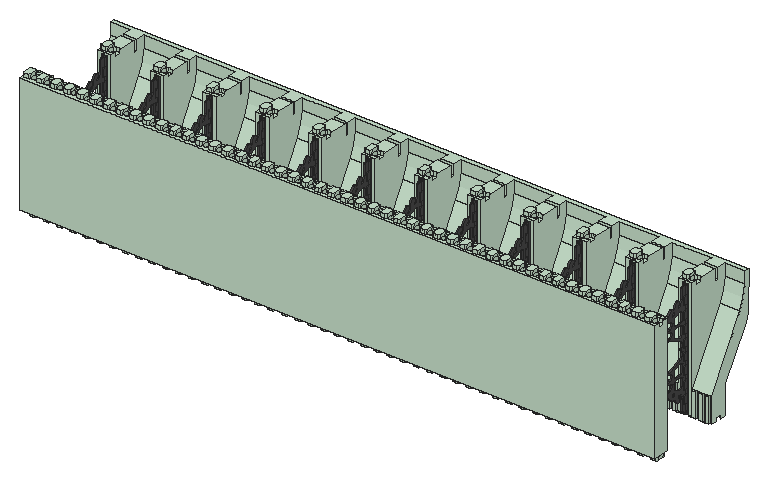
Revit family (continued)
Forms (in)
  Extrusion 106, void
    sketch origin (90, -2, 0) x (-1, 0, 0) y (0, -1, 0)
      loop
        arc (2, 4.89808) -> (1.95215, 5.04517) -> (1.82692, 5.13595) r 0.25
        arc (1.82692, 5.13595) -> (1.5, 5.1875) -> (1.17308, 5.13595) r 1.0625
        arc (1.17308, 5.13595) -> (1.04785, 5.04517) -> (1, 4.89808) r 0.25
    from 0 to 0.5
  Extrusion 107, void
    sketch origin (92, -2, 0) x (-1, 0, 0) y (0, -1, 0)
      loop
        line (1, 4.89808) -> (1, 3.97692)
        arc (1, 3.97692) -> (1.04785, 3.82983) -> (1.17308, 3.73905) r 0.25
        arc (1.17308, 3.73905) -> (1.42092, 3.69045) -> (1.67323, 3.70172) r 1.0625
        arc (1.67323, 3.70172) -> (1.72385, 3.68771) -> (1.74592, 3.64005) r 0.0625
        line (1.74592, 3.64005) -> (1.74592, 3.41845) -> (1.91675, 3.41845) -> (1.91675, 3.76455)
        arc (1.91675, 3.76455) -> (1.92106, 3.78736) -> (1.9334, 3.80702) r 0.0625
        arc (1.9334, 3.80702) -> (1.98276, 3.88568) -> (2, 3.97692) r 0.25
        line (2, 3.97692) -> (2, 4.89808)
        arc (2, 4.89808) -> (1.95215, 5.04517) -> (1.82692, 5.13595) r 0.25
        arc (1.82692, 5.13595) -> (1.5, 5.1875) -> (1.17308, 5.13595) r 1.0625
        arc (1.17308, 5.13595) -> (1.04785, 5.04517) -> (1, 4.89808) r 0.25
    from 0 to 0.5
  Extrusion 108, void
    sketch origin (94, -2, 0) x (-1, 0, 0) y (0, -1, 0)
      loop
        line (1, 4.89808) -> (1, 3.97692)
        arc (1, 3.97692) -> (1.04785, 3.82983) -> (1.17308, 3.73905) r 0.25
        arc (1.17308, 3.73905) -> (1.42092, 3.69045) -> (1.67323, 3.70172) r 1.0625
        arc (1.67323, 3.70172) -> (1.72385, 3.68771) -> (1.74592, 3.64005) r 0.0625
        line (1.74592, 3.64005) -> (1.74592, 3.41845) -> (1.91675, 3.41845) -> (1.91675, 3.76455)
        arc (1.91675, 3.76455) -> (1.92106, 3.78736) -> (1.9334, 3.80702) r 0.0625
        arc (1.9334, 3.80702) -> (1.98276, 3.88568) -> (2, 3.97692) r 0.25
        line (2, 3.97692) -> (2, 4.89808)
        arc (2, 4.89808) -> (1.95215, 5.04517) -> (1.82692, 5.13595) r 0.25
        arc (1.82692, 5.13595) -> (1.5, 5.1875) -> (1.17308, 5.13595) r 1.0625
        arc (1.17308, 5.13595) -> (1.04785, 5.04517) -> (1, 4.89808) r 0.25
    from 0 to 0.5
  Extrusion 109, void
    sketch origin (96, -2, 0) x (-1, 0, 0) y (0, -1, 0)
      loop
        line (1, 4.89808) -> (1, 3.97692)
        arc (1, 3.97692) -> (1.04785, 3.82983) -> (1.17308, 3.73905) r 0.25
        arc (1.17308, 3.73905) -> (1.42092, 3.69045) -> (1.67323, 3.70172) r 1.0625
        arc (1.67323, 3.70172) -> (1.72385, 3.68771) -> (1.74592, 3.64005) r 0.0625
        line (1.74592, 3.64005) -> (1.74592, 3.41845) -> (1.91675, 3.41845) -> (1.91675, 3.76455)
        arc (1.91675, 3.76455) -> (1.92106, 3.78736) -> (1.9334, 3.80702) r 0.0625
        arc (1.9334, 3.80702) -> (1.98276, 3.88568) -> (2, 3.97692) r 0.25
        line (2, 3.97692) -> (2, 4.89808)
        arc (2, 4.89808) -> (1.95215, 5.04517) -> (1.82692, 5.13595) r 0.25
        arc (1.82692, 5.13595) -> (1.5, 5.1875) -> (1.17308, 5.13595) r 1.0625
        arc (1.17308, 5.13595) -> (1.04785, 5.04517) -> (1, 4.89808) r 0.25
    from 0 to 0.5
  Extrusion 110, void
    sketch origin (94, 0, 0) x (1, 0, 0) y (0, 1, 0)
      loop
        line (1, 4.89808) -> (1, 3.97692)
        arc (1, 3.97692) -> (1.04785, 3.82983) -> (1.17308, 3.73905) r 0.25
        arc (1.17308, 3.73905) -> (1.42092, 3.69045) -> (1.67323, 3.70172) r 1.0625
        arc (1.67323, 3.70172) -> (1.72385, 3.68771) -> (1.74592, 3.64005) r 0.0625
        line (1.74592, 3.64005) -> (1.74592, 3.41845) -> (1.91675, 3.41845) -> (1.91675, 3.76455)
        arc (1.91675, 3.76455) -> (1.92106, 3.78736) -> (1.9334, 3.80702) r 0.0625
        arc (1.9334, 3.80702) -> (1.98276, 3.88568) -> (2, 3.97692) r 0.25
        line (2, 3.97692) -> (2, 4.89808)
        arc (2, 4.89808) -> (1.95215, 5.04517) -> (1.82692, 5.13595) r 0.25
        arc (1.82692, 5.13595) -> (1.5, 5.1875) -> (1.17308, 5.13595) r 1.0625
        arc (1.17308, 5.13595) -> (1.04785, 5.04517) -> (1, 4.89808) r 0.25
    from 0 to 0.5
  Extrusion 111, void
    sketch origin (92, 0, 0) x (1, 0, 0) y (0, 1, 0)
      loop
        line (1, 4.89808) -> (1, 3.97692)
        arc (1, 3.97692) -> (1.04785, 3.82983) -> (1.17308, 3.73905) r 0.25
        arc (1.17308, 3.73905) -> (1.42092, 3.69045) -> (1.67323, 3.70172) r 1.0625
        arc (1.67323, 3.70172) -> (1.72385, 3.68771) -> (1.74592, 3.64005) r 0.0625
        line (1.74592, 3.64005) -> (1.74592, 3.41845) -> (1.91675, 3.41845) -> (1.91675, 3.76455)
        arc (1.91675, 3.76455) -> (1.92106, 3.78736) -> (1.9334, 3.80702) r 0.0625
        arc (1.9334, 3.80702) -> (1.98276, 3.88568) -> (2, 3.97692) r 0.25
        line (2, 3.97692) -> (2, 4.89808)
        arc (2, 4.89808) -> (1.95215, 5.04517) -> (1.82692, 5.13595) r 0.25
        arc (1.82692, 5.13595) -> (1.5, 5.1875) -> (1.17308, 5.13595) r 1.0625
        arc (1.17308, 5.13595) -> (1.04785, 5.04517) -> (1, 4.89808) r 0.25
    from 0 to 0.5
  Extrusion 112, void
    sketch origin (90, 0, 0) x (1, 0, 0) y (0, 1, 0)
      loop
        line (1, 4.89808) -> (1, 3.97692)
        arc (1, 3.97692) -> (1.04785, 3.82983) -> (1.17308, 3.73905) r 0.25
        arc (1.17308, 3.73905) -> (1.42092, 3.69045) -> (1.67323, 3.70172) r 1.0625
        arc (1.67323, 3.70172) -> (1.72385, 3.68771) -> (1.74592, 3.64005) r 0.0625
        line (1.74592, 3.64005) -> (1.74592, 3.41845) -> (1.91675, 3.41845) -> (1.91675, 3.76455)
        arc (1.91675, 3.76455) -> (1.92106, 3.78736) -> (1.9334, 3.80702) r 0.0625
        arc (1.9334, 3.80702) -> (1.98276, 3.88568) -> (2, 3.97692) r 0.25
        line (2, 3.97692) -> (2, 4.89808)
        arc (2, 4.89808) -> (1.95215, 5.04517) -> (1.82692, 5.13595) r 0.25
        arc (1.82692, 5.13595) -> (1.5, 5.1875) -> (1.17308, 5.13595) r 1.0625
        arc (1.17308, 5.13595) -> (1.04785, 5.04517) -> (1, 4.89808) r 0.25
    from 0 to 0.5
  Extrusion 113, void
    sketch origin (88, 0, 0) x (1, 0, 0) y (0, 1, 0)
      loop
        line (1, 4.89808) -> (1, 3.97692)
        arc (1, 3.97692) -> (1.04785, 3.82983) -> (1.17308, 3.73905) r 0.25
        arc (1.17308, 3.73905) -> (1.42092, 3.69045) -> (1.67323, 3.70172) r 1.0625
        arc (1.67323, 3.70172) -> (1.72385, 3.68771) -> (1.74592, 3.64005) r 0.0625
        line (1.74592, 3.64005) -> (1.74592, 3.41845) -> (1.91675, 3.41845) -> (1.91675, 3.76455)
        arc (1.91675, 3.76455) -> (1.92106, 3.78736) -> (1.9334, 3.80702) r 0.0625
        arc (1.9334, 3.80702) -> (1.98276, 3.88568) -> (2, 3.97692) r 0.25
        line (2, 3.97692) -> (2, 4.89808)
        arc (2, 4.89808) -> (1.95215, 5.04517) -> (1.82692, 5.13595) r 0.25
        arc (1.82692, 5.13595) -> (1.5, 5.1875) -> (1.17308, 5.13595) r 1.0625
        arc (1.17308, 5.13595) -> (1.04785, 5.04517) -> (1, 4.89808) r 0.25
    from 0 to 0.5
  Extrusion 114, void
    sketch origin (86, 0, 0) x (1, 0, 0) y (0, 1, 0)
      loop
        line (1, 4.89808) -> (1, 3.97692)
        arc (1, 3.97692) -> (1.04785, 3.82983) -> (1.17308, 3.73905) r 0.25
        arc (1.17308, 3.73905) -> (1.42092, 3.69045) -> (1.67323, 3.70172) r 1.0625
        arc (1.67323, 3.70172) -> (1.72385, 3.68771) -> (1.74592, 3.64005) r 0.0625
        line (1.74592, 3.64005) -> (1.74592, 3.41845) -> (1.91675, 3.41845) -> (1.91675, 3.76455)
        arc (1.91675, 3.76455) -> (1.92106, 3.78736) -> (1.9334, 3.80702) r 0.0625
        arc (1.9334, 3.80702) -> (1.98276, 3.88568) -> (2, 3.97692) r 0.25
        line (2, 3.97692) -> (2, 4.89808)
        arc (2, 4.89808) -> (1.95215, 5.04517) -> (1.82692, 5.13595) r 0.25
        arc (1.82692, 5.13595) -> (1.5, 5.1875) -> (1.17308, 5.13595) r 1.0625
        arc (1.17308, 5.13595) -> (1.04785, 5.04517) -> (1, 4.89808) r 0.25
    from 0 to 0.5
  Extrusion 115, void
    sketch origin (84, 0, 0) x (1, 0, 0) y (0, 1, 0)
      loop
        line (1, 4.89808) -> (1, 3.97692)
        arc (1, 3.97692) -> (1.04785, 3.82983) -> (1.17308, 3.73905) r 0.25
        arc (1.17308, 3.73905) -> (1.42092, 3.69045) -> (1.67323, 3.70172) r 1.0625
        arc (1.67323, 3.70172) -> (1.72385, 3.68771) -> (1.74592, 3.64005) r 0.0625
        line (1.74592, 3.64005) -> (1.74592, 3.41845) -> (1.91675, 3.41845) -> (1.91675, 3.76455)
        arc (1.91675, 3.76455) -> (1.92106, 3.78736) -> (1.9334, 3.80702) r 0.0625
        arc (1.9334, 3.80702) -> (1.98276, 3.88568) -> (2, 3.97692) r 0.25
        line (2, 3.97692) -> (2, 4.89808)
        arc (2, 4.89808) -> (1.95215, 5.04517) -> (1.82692, 5.13595) r 0.25
        arc (1.82692, 5.13595) -> (1.5, 5.1875) -> (1.17308, 5.13595) r 1.0625
        arc (1.17308, 5.13595) -> (1.04785, 5.04517) -> (1, 4.89808) r 0.25
    from 0 to 0.5
  Extrusion 116, void
    sketch origin (82, 0, 0) x (1, 0, 0) y (0, 1, 0)
      loop
        line (1, 4.89808) -> (1, 3.97692)
        arc (1, 3.97692) -> (1.04785, 3.82983) -> (1.17308, 3.73905) r 0.25
        arc (1.17308, 3.73905) -> (1.42092, 3.69045) -> (1.67323, 3.70172) r 1.0625
        arc (1.67323, 3.70172) -> (1.72385, 3.68771) -> (1.74592, 3.64005) r 0.0625
        line (1.74592, 3.64005) -> (1.74592, 3.41845) -> (1.91675, 3.41845) -> (1.91675, 3.76455)
        arc (1.91675, 3.76455) -> (1.92106, 3.78736) -> (1.9334, 3.80702) r 0.0625
        arc (1.9334, 3.80702) -> (1.98276, 3.88568) -> (2, 3.97692) r 0.25
        line (2, 3.97692) -> (2, 4.89808)
        arc (2, 4.89808) -> (1.95215, 5.04517) -> (1.82692, 5.13595) r 0.25
        arc (1.82692, 5.13595) -> (1.5, 5.1875) -> (1.17308, 5.13595) r 1.0625
        arc (1.17308, 5.13595) -> (1.04785, 5.04517) -> (1, 4.89808) r 0.25
    from 0 to 0.5
  Extrusion 117, void
    sketch origin (80, 0, 0) x (1, 0, 0) y (0, 1, 0)
      loop
        line (1, 4.89808) -> (1, 3.97692)
        arc (1, 3.97692) -> (1.04785, 3.82983) -> (1.17308, 3.73905) r 0.25
        arc (1.17308, 3.73905) -> (1.42092, 3.69045) -> (1.67323, 3.70172) r 1.0625
        arc (1.67323, 3.70172) -> (1.72385, 3.68771) -> (1.74592, 3.64005) r 0.0625
        line (1.74592, 3.64005) -> (1.74592, 3.41845) -> (1.91675, 3.41845) -> (1.91675, 3.76455)
        arc (1.91675, 3.76455) -> (1.92106, 3.78736) -> (1.9334, 3.80702) r 0.0625
        arc (1.9334, 3.80702) -> (1.98276, 3.88568) -> (2, 3.97692) r 0.25
        line (2, 3.97692) -> (2, 4.89808)
        arc (2, 4.89808) -> (1.95215, 5.04517) -> (1.82692, 5.13595) r 0.25
        arc (1.82692, 5.13595) -> (1.5, 5.1875) -> (1.17308, 5.13595) r 1.0625
        arc (1.17308, 5.13595) -> (1.04785, 5.04517) -> (1, 4.89808) r 0.25
    from 0 to 0.5
  Extrusion 118, void
    sketch origin (78, 0, 0) x (1, 0, 0) y (0, 1, 0)
      loop
        line (1, 4.89808) -> (1, 3.97692)
        arc (1, 3.97692) -> (1.04785, 3.82983) -> (1.17308, 3.73905) r 0.25
        arc (1.17308, 3.73905) -> (1.42092, 3.69045) -> (1.67323, 3.70172) r 1.0625
        arc (1.67323, 3.70172) -> (1.72385, 3.68771) -> (1.74592, 3.64005) r 0.0625
        line (1.74592, 3.64005) -> (1.74592, 3.41845) -> (1.91675, 3.41845) -> (1.91675, 3.76455)
        arc (1.91675, 3.76455) -> (1.92106, 3.78736) -> (1.9334, 3.80702) r 0.0625
        arc (1.9334, 3.80702) -> (1.98276, 3.88568) -> (2, 3.97692) r 0.25
        line (2, 3.97692) -> (2, 4.89808)
        arc (2, 4.89808) -> (1.95215, 5.04517) -> (1.82692, 5.13595) r 0.25
        arc (1.82692, 5.13595) -> (1.5, 5.1875) -> (1.17308, 5.13595) r 1.0625
        arc (1.17308, 5.13595) -> (1.04785, 5.04517) -> (1, 4.89808) r 0.25
    from 0 to 0.5
  Extrusion 119, void
    sketch origin (76, 0, 0) x (1, 0, 0) y (0, 1, 0)
      loop
        line (1, 4.89808) -> (1, 3.97692)
        arc (1, 3.97692) -> (1.04785, 3.82983) -> (1.17308, 3.73905) r 0.25
        arc (1.17308, 3.73905) -> (1.42092, 3.69045) -> (1.67323, 3.70172) r 1.0625
        arc (1.67323, 3.70172) -> (1.72385, 3.68771) -> (1.74592, 3.64005) r 0.0625
        line (1.74592, 3.64005) -> (1.74592, 3.41845) -> (1.91675, 3.41845) -> (1.91675, 3.76455)
        arc (1.91675, 3.76455) -> (1.92106, 3.78736) -> (1.9334, 3.80702) r 0.0625
        arc (1.9334, 3.80702) -> (1.98276, 3.88568) -> (2, 3.97692) r 0.25
        line (2, 3.97692) -> (2, 4.89808)
        arc (2, 4.89808) -> (1.95215, 5.04517) -> (1.82692, 5.13595) r 0.25
        arc (1.82692, 5.13595) -> (1.5, 5.1875) -> (1.17308, 5.13595) r 1.0625
        arc (1.17308, 5.13595) -> (1.04785, 5.04517) -> (1, 4.89808) r 0.25
    from 0 to 0.5
  Extrusion 120, void
    sketch origin (74, 0, 0) x (1, 0, 0) y (0, 1, 0)
      loop
        line (1, 4.89808) -> (1, 3.97692)
        arc (1, 3.97692) -> (1.04785, 3.82983) -> (1.17308, 3.73905) r 0.25
        arc (1.17308, 3.73905) -> (1.42092, 3.69045) -> (1.67323, 3.70172) r 1.0625
        arc (1.67323, 3.70172) -> (1.72385, 3.68771) -> (1.74592, 3.64005) r 0.0625
        line (1.74592, 3.64005) -> (1.74592, 3.41845) -> (1.91675, 3.41845) -> (1.91675, 3.76455)
        arc (1.91675, 3.76455) -> (1.92106, 3.78736) -> (1.9334, 3.80702) r 0.0625
        arc (1.9334, 3.80702) -> (1.98276, 3.88568) -> (2, 3.97692) r 0.25
        line (2, 3.97692) -> (2, 4.89808)
        arc (2, 4.89808) -> (1.95215, 5.04517) -> (1.82692, 5.13595) r 0.25
        arc (1.82692, 5.13595) -> (1.5, 5.1875) -> (1.17308, 5.13595) r 1.0625
        arc (1.17308, 5.13595) -> (1.04785, 5.04517) -> (1, 4.89808) r 0.25
    from 0 to 0.5
  Extrusion 121, void
    sketch origin (72, 0, 0) x (1, 0, 0) y (0, 1, 0)
      loop
        line (1, 4.89808) -> (1, 3.97692)
        arc (1, 3.97692) -> (1.04785, 3.82983) -> (1.17308, 3.73905) r 0.25
        arc (1.17308, 3.73905) -> (1.42092, 3.69045) -> (1.67323, 3.70172) r 1.0625
        arc (1.67323, 3.70172) -> (1.72385, 3.68771) -> (1.74592, 3.64005) r 0.0625
        line (1.74592, 3.64005) -> (1.74592, 3.41845) -> (1.91675, 3.41845) -> (1.91675, 3.76455)
        arc (1.91675, 3.76455) -> (1.92106, 3.78736) -> (1.9334, 3.80702) r 0.0625
        arc (1.9334, 3.80702) -> (1.98276, 3.88568) -> (2, 3.97692) r 0.25
        line (2, 3.97692) -> (2, 4.89808)
        arc (2, 4.89808) -> (1.95215, 5.04517) -> (1.82692, 5.13595) r 0.25
        arc (1.82692, 5.13595) -> (1.5, 5.1875) -> (1.17308, 5.13595) r 1.0625
        arc (1.17308, 5.13595) -> (1.04785, 5.04517) -> (1, 4.89808) r 0.25
    from 0 to 0.5
  Extrusion 122, void
    sketch origin (70, 0, 0) x (1, 0, 0) y (0, 1, 0)
      loop
        line (1, 4.89808) -> (1, 3.97692)
        arc (1, 3.97692) -> (1.04785, 3.82983) -> (1.17308, 3.73905) r 0.25
        arc (1.17308, 3.73905) -> (1.42092, 3.69045) -> (1.67323, 3.70172) r 1.0625
        arc (1.67323, 3.70172) -> (1.72385, 3.68771) -> (1.74592, 3.64005) r 0.0625
        line (1.74592, 3.64005) -> (1.74592, 3.41845) -> (1.91675, 3.41845) -> (1.91675, 3.76455)
        arc (1.91675, 3.76455) -> (1.92106, 3.78736) -> (1.9334, 3.80702) r 0.0625
        arc (1.9334, 3.80702) -> (1.98276, 3.88568) -> (2, 3.97692) r 0.25
        line (2, 3.97692) -> (2, 4.89808)
        arc (2, 4.89808) -> (1.95215, 5.04517) -> (1.82692, 5.13595) r 0.25
        arc (1.82692, 5.13595) -> (1.5, 5.1875) -> (1.17308, 5.13595) r 1.0625
        arc (1.17308, 5.13595) -> (1.04785, 5.04517) -> (1, 4.89808) r 0.25
    from 0 to 0.5
  Extrusion 123, void
    sketch origin (68, 0, 0) x (1, 0, 0) y (0, 1, 0)
      loop
        line (1, 4.89808) -> (1, 3.97692)
        arc (1, 3.97692) -> (1.04785, 3.82983) -> (1.17308, 3.73905) r 0.25
        arc (1.17308, 3.73905) -> (1.42092, 3.69045) -> (1.67323, 3.70172) r 1.0625
        arc (1.67323, 3.70172) -> (1.72385, 3.68771) -> (1.74592, 3.64005) r 0.0625
        line (1.74592, 3.64005) -> (1.74592, 3.41845) -> (1.91675, 3.41845) -> (1.91675, 3.76455)
        arc (1.91675, 3.76455) -> (1.92106, 3.78736) -> (1.9334, 3.80702) r 0.0625
        arc (1.9334, 3.80702) -> (1.98276, 3.88568) -> (2, 3.97692) r 0.25
        line (2, 3.97692) -> (2, 4.89808)
        arc (2, 4.89808) -> (1.95215, 5.04517) -> (1.82692, 5.13595) r 0.25
        arc (1.82692, 5.13595) -> (1.5, 5.1875) -> (1.17308, 5.13595) r 1.0625
        arc (1.17308, 5.13595) -> (1.04785, 5.04517) -> (1, 4.89808) r 0.25
    from 0 to 0.5
  Extrusion 124, void
    sketch origin (66, 0, 0) x (1, 0, 0) y (0, 1, 0)
      loop
        line (1, 4.89808) -> (1, 3.97692)
        arc (1, 3.97692) -> (1.04785, 3.82983) -> (1.17308, 3.73905) r 0.25
        arc (1.17308, 3.73905) -> (1.42092, 3.69045) -> (1.67323, 3.70172) r 1.0625
        arc (1.67323, 3.70172) -> (1.72385, 3.68771) -> (1.74592, 3.64005) r 0.0625
        line (1.74592, 3.64005) -> (1.74592, 3.41845) -> (1.91675, 3.41845) -> (1.91675, 3.76455)
        arc (1.91675, 3.76455) -> (1.92106, 3.78736) -> (1.9334, 3.80702) r 0.0625
        arc (1.9334, 3.80702) -> (1.98276, 3.88568) -> (2, 3.97692) r 0.25
        line (2, 3.97692) -> (2, 4.89808)
        arc (2, 4.89808) -> (1.95215, 5.04517) -> (1.82692, 5.13595) r 0.25
        arc (1.82692, 5.13595) -> (1.5, 5.1875) -> (1.17308, 5.13595) r 1.0625
        arc (1.17308, 5.13595) -> (1.04785, 5.04517) -> (1, 4.89808) r 0.25
    from 0 to 0.5
  Extrusion 125, void
    sketch origin (64, 0, 0) x (1, 0, 0) y (0, 1, 0)
      loop
        line (1, 4.89808) -> (1, 3.97692)
        arc (1, 3.97692) -> (1.04785, 3.82983) -> (1.17308, 3.73905) r 0.25
        arc (1.17308, 3.73905) -> (1.42092, 3.69045) -> (1.67323, 3.70172) r 1.0625
        arc (1.67323, 3.70172) -> (1.72385, 3.68771) -> (1.74592, 3.64005) r 0.0625
        line (1.74592, 3.64005) -> (1.74592, 3.41845) -> (1.91675, 3.41845) -> (1.91675, 3.76455)
        arc (1.91675, 3.76455) -> (1.92106, 3.78736) -> (1.9334, 3.80702) r 0.0625
        arc (1.9334, 3.80702) -> (1.98276, 3.88568) -> (2, 3.97692) r 0.25
        line (2, 3.97692) -> (2, 4.89808)
        arc (2, 4.89808) -> (1.95215, 5.04517) -> (1.82692, 5.13595) r 0.25
        arc (1.82692, 5.13595) -> (1.5, 5.1875) -> (1.17308, 5.13595) r 1.0625
        arc (1.17308, 5.13595) -> (1.04785, 5.04517) -> (1, 4.89808) r 0.25
    from 0 to 0.5
  Extrusion 126, void
    sketch origin (62, 0, 0) x (1, 0, 0) y (0, 1, 0)
      loop
        line (1, 4.89808) -> (1, 3.97692)
        arc (1, 3.97692) -> (1.04785, 3.82983) -> (1.17308, 3.73905) r 0.25
        arc (1.17308, 3.73905) -> (1.42092, 3.69045) -> (1.67323, 3.70172) r 1.0625
        arc (1.67323, 3.70172) -> (1.72385, 3.68771) -> (1.74592, 3.64005) r 0.0625
        line (1.74592, 3.64005) -> (1.74592, 3.41845) -> (1.91675, 3.41845) -> (1.91675, 3.76455)
        arc (1.91675, 3.76455) -> (1.92106, 3.78736) -> (1.9334, 3.80702) r 0.0625
        arc (1.9334, 3.80702) -> (1.98276, 3.88568) -> (2, 3.97692) r 0.25
        line (2, 3.97692) -> (2, 4.89808)
        arc (2, 4.89808) -> (1.95215, 5.04517) -> (1.82692, 5.13595) r 0.25
        arc (1.82692, 5.13595) -> (1.5, 5.1875) -> (1.17308, 5.13595) r 1.0625
        arc (1.17308, 5.13595) -> (1.04785, 5.04517) -> (1, 4.89808) r 0.25
    from 0 to 0.5
  Extrusion 127, void
    sketch origin (60, 0, 0) x (1, 0, 0) y (0, 1, 0)
      loop
        line (1, 4.89808) -> (1, 3.97692)
        arc (1, 3.97692) -> (1.04785, 3.82983) -> (1.17308, 3.73905) r 0.25
        arc (1.17308, 3.73905) -> (1.42092, 3.69045) -> (1.67323, 3.70172) r 1.0625
        arc (1.67323, 3.70172) -> (1.72385, 3.68771) -> (1.74592, 3.64005) r 0.0625
        line (1.74592, 3.64005) -> (1.74592, 3.41845) -> (1.91675, 3.41845) -> (1.91675, 3.76455)
        arc (1.91675, 3.76455) -> (1.92106, 3.78736) -> (1.9334, 3.80702) r 0.0625
        arc (1.9334, 3.80702) -> (1.98276, 3.88568) -> (2, 3.97692) r 0.25
        line (2, 3.97692) -> (2, 4.89808)
        arc (2, 4.89808) -> (1.95215, 5.04517) -> (1.82692, 5.13595) r 0.25
        arc (1.82692, 5.13595) -> (1.5, 5.1875) -> (1.17308, 5.13595) r 1.0625
        arc (1.17308, 5.13595) -> (1.04785, 5.04517) -> (1, 4.89808) r 0.25
    from 0 to 0.5
  Extrusion 128, void
    sketch origin (58, 0, 0) x (1, 0, 0) y (0, 1, 0)
      loop
        line (1, 4.89808) -> (1, 3.97692)
        arc (1, 3.97692) -> (1.04785, 3.82983) -> (1.17308, 3.73905) r 0.25
        arc (1.17308, 3.73905) -> (1.42092, 3.69045) -> (1.67323, 3.70172) r 1.0625
        arc (1.67323, 3.70172) -> (1.72385, 3.68771) -> (1.74592, 3.64005) r 0.0625
        line (1.74592, 3.64005) -> (1.74592, 3.41845) -> (1.91675, 3.41845) -> (1.91675, 3.76455)
        arc (1.91675, 3.76455) -> (1.92106, 3.78736) -> (1.9334, 3.80702) r 0.0625
        arc (1.9334, 3.80702) -> (1.98276, 3.88568) -> (2, 3.97692) r 0.25
        line (2, 3.97692) -> (2, 4.89808)
        arc (2, 4.89808) -> (1.95215, 5.04517) -> (1.82692, 5.13595) r 0.25
        arc (1.82692, 5.13595) -> (1.5, 5.1875) -> (1.17308, 5.13595) r 1.0625
        arc (1.17308, 5.13595) -> (1.04785, 5.04517) -> (1, 4.89808) r 0.25
    from 0 to 0.5
  Extrusion 129, void
    sketch origin (56, 0, 0) x (1, 0, 0) y (0, 1, 0)
      loop
        line (1, 4.89808) -> (1, 3.97692)
        arc (1, 3.97692) -> (1.04785, 3.82983) -> (1.17308, 3.73905) r 0.25
        arc (1.17308, 3.73905) -> (1.42092, 3.69045) -> (1.67323, 3.70172) r 1.0625
        arc (1.67323, 3.70172) -> (1.72385, 3.68771) -> (1.74592, 3.64005) r 0.0625
        line (1.74592, 3.64005) -> (1.74592, 3.41845) -> (1.91675, 3.41845) -> (1.91675, 3.76455)
        arc (1.91675, 3.76455) -> (1.92106, 3.78736) -> (1.9334, 3.80702) r 0.0625
        arc (1.9334, 3.80702) -> (1.98276, 3.88568) -> (2, 3.97692) r 0.25
        line (2, 3.97692) -> (2, 4.89808)
        arc (2, 4.89808) -> (1.95215, 5.04517) -> (1.82692, 5.13595) r 0.25
        arc (1.82692, 5.13595) -> (1.5, 5.1875) -> (1.17308, 5.13595) r 1.0625
        arc (1.17308, 5.13595) -> (1.04785, 5.04517) -> (1, 4.89808) r 0.25
    from 0 to 0.5
  Extrusion 130, void
    sketch origin (54, 0, 0) x (1, 0, 0) y (0, 1, 0)
      loop
        line (1, 4.89808) -> (1, 3.97692)
        arc (1, 3.97692) -> (1.04785, 3.82983) -> (1.17308, 3.73905) r 0.25
        arc (1.17308, 3.73905) -> (1.42092, 3.69045) -> (1.67323, 3.70172) r 1.0625
        arc (1.67323, 3.70172) -> (1.72385, 3.68771) -> (1.74592, 3.64005) r 0.0625
        line (1.74592, 3.64005) -> (1.74592, 3.41845) -> (1.91675, 3.41845) -> (1.91675, 3.76455)
        arc (1.91675, 3.76455) -> (1.92106, 3.78736) -> (1.9334, 3.80702) r 0.0625
        arc (1.9334, 3.80702) -> (1.98276, 3.88568) -> (2, 3.97692) r 0.25
        line (2, 3.97692) -> (2, 4.89808)
        arc (2, 4.89808) -> (1.95215, 5.04517) -> (1.82692, 5.13595) r 0.25
        arc (1.82692, 5.13595) -> (1.5, 5.1875) -> (1.17308, 5.13595) r 1.0625
        arc (1.17308, 5.13595) -> (1.04785, 5.04517) -> (1, 4.89808) r 0.25
    from 0 to 0.5
  Extrusion 131, void
    sketch origin (52, 0, 0) x (1, 0, 0) y (0, 1, 0)
      loop
        line (1, 4.89808) -> (1, 3.97692)
        arc (1, 3.97692) -> (1.04785, 3.82983) -> (1.17308, 3.73905) r 0.25
        arc (1.17308, 3.73905) -> (1.42092, 3.69045) -> (1.67323, 3.70172) r 1.0625
        arc (1.67323, 3.70172) -> (1.72385, 3.68771) -> (1.74592, 3.64005) r 0.0625
        line (1.74592, 3.64005) -> (1.74592, 3.41845) -> (1.91675, 3.41845) -> (1.91675, 3.76455)
        arc (1.91675, 3.76455) -> (1.92106, 3.78736) -> (1.9334, 3.80702) r 0.0625
        arc (1.9334, 3.80702) -> (1.98276, 3.88568) -> (2, 3.97692) r 0.25
        line (2, 3.97692) -> (2, 4.89808)
        arc (2, 4.89808) -> (1.95215, 5.04517) -> (1.82692, 5.13595) r 0.25
        arc (1.82692, 5.13595) -> (1.5, 5.1875) -> (1.17308, 5.13595) r 1.0625
        arc (1.17308, 5.13595) -> (1.04785, 5.04517) -> (1, 4.89808) r 0.25
    from 0 to 0.5
  Extrusion 132, void
    sketch origin (50, 0, 0) x (1, 0, 0) y (0, 1, 0)
      loop
        line (1, 4.89808) -> (1, 3.97692)
        arc (1, 3.97692) -> (1.04785, 3.82983) -> (1.17308, 3.73905) r 0.25
        arc (1.17308, 3.73905) -> (1.42092, 3.69045) -> (1.67323, 3.70172) r 1.0625
        arc (1.67323, 3.70172) -> (1.72385, 3.68771) -> (1.74592, 3.64005) r 0.0625
        line (1.74592, 3.64005) -> (1.74592, 3.41845) -> (1.91675, 3.41845) -> (1.91675, 3.76455)
        arc (1.91675, 3.76455) -> (1.92106, 3.78736) -> (1.9334, 3.80702) r 0.0625
        arc (1.9334, 3.80702) -> (1.98276, 3.88568) -> (2, 3.97692) r 0.25
        line (2, 3.97692) -> (2, 4.89808)
        arc (2, 4.89808) -> (1.95215, 5.04517) -> (1.82692, 5.13595) r 0.25
        arc (1.82692, 5.13595) -> (1.5, 5.1875) -> (1.17308, 5.13595) r 1.0625
        arc (1.17308, 5.13595) -> (1.04785, 5.04517) -> (1, 4.89808) r 0.25
    from 0 to 0.5
  Extrusion 133, void
    sketch origin (48, 0, 0) x (1, 0, 0) y (0, 1, 0)
      loop
        line (1, 4.89808) -> (1, 3.97692)
        arc (1, 3.97692) -> (1.04785, 3.82983) -> (1.17308, 3.73905) r 0.25
        arc (1.17308, 3.73905) -> (1.42092, 3.69045) -> (1.67323, 3.70172) r 1.0625
        arc (1.67323, 3.70172) -> (1.72385, 3.68771) -> (1.74592, 3.64005) r 0.0625
        line (1.74592, 3.64005) -> (1.74592, 3.41845) -> (1.91675, 3.41845) -> (1.91675, 3.76455)
        arc (1.91675, 3.76455) -> (1.92106, 3.78736) -> (1.9334, 3.80702) r 0.0625
        arc (1.9334, 3.80702) -> (1.98276, 3.88568) -> (2, 3.97692) r 0.25
        line (2, 3.97692) -> (2, 4.89808)
        arc (2, 4.89808) -> (1.95215, 5.04517) -> (1.82692, 5.13595) r 0.25
        arc (1.82692, 5.13595) -> (1.5, 5.1875) -> (1.17308, 5.13595) r 1.0625
        arc (1.17308, 5.13595) -> (1.04785, 5.04517) -> (1, 4.89808) r 0.25
    from 0 to 0.5
  Extrusion 134, void
    sketch origin (46, 0, 0) x (1, 0, 0) y (0, 1, 0)
      loop
        line (1, 4.89808) -> (1, 3.97692)
        arc (1, 3.97692) -> (1.04785, 3.82983) -> (1.17308, 3.73905) r 0.25
        arc (1.17308, 3.73905) -> (1.42092, 3.69045) -> (1.67323, 3.70172) r 1.0625
        arc (1.67323, 3.70172) -> (1.72385, 3.68771) -> (1.74592, 3.64005) r 0.0625
        line (1.74592, 3.64005) -> (1.74592, 3.41845) -> (1.91675, 3.41845) -> (1.91675, 3.76455)
        arc (1.91675, 3.76455) -> (1.92106, 3.78736) -> (1.9334, 3.80702) r 0.0625
        arc (1.9334, 3.80702) -> (1.98276, 3.88568) -> (2, 3.97692) r 0.25
        line (2, 3.97692) -> (2, 4.89808)
        arc (2, 4.89808) -> (1.95215, 5.04517) -> (1.82692, 5.13595) r 0.25
        arc (1.82692, 5.13595) -> (1.5, 5.1875) -> (1.17308, 5.13595) r 1.0625
        arc (1.17308, 5.13595) -> (1.04785, 5.04517) -> (1, 4.89808) r 0.25
    from 0 to 0.5
  Extrusion 135, void
    sketch origin (44, 0, 0) x (1, 0, 0) y (0, 1, 0)
      loop
        line (1, 4.89808) -> (1, 3.97692)
        arc (1, 3.97692) -> (1.04785, 3.82983) -> (1.17308, 3.73905) r 0.25
        arc (1.17308, 3.73905) -> (1.42092, 3.69045) -> (1.67323, 3.70172) r 1.0625
        arc (1.67323, 3.70172) -> (1.72385, 3.68771) -> (1.74592, 3.64005) r 0.0625
        line (1.74592, 3.64005) -> (1.74592, 3.41845) -> (1.91675, 3.41845) -> (1.91675, 3.76455)
        arc (1.91675, 3.76455) -> (1.92106, 3.78736) -> (1.9334, 3.80702) r 0.0625
        arc (1.9334, 3.80702) -> (1.98276, 3.88568) -> (2, 3.97692) r 0.25
        line (2, 3.97692) -> (2, 4.89808)
        arc (2, 4.89808) -> (1.95215, 5.04517) -> (1.82692, 5.13595) r 0.25
        arc (1.82692, 5.13595) -> (1.5, 5.1875) -> (1.17308, 5.13595) r 1.0625
        arc (1.17308, 5.13595) -> (1.04785, 5.04517) -> (1, 4.89808) r 0.25
    from 0 to 0.5
  Extrusion 136, void
    sketch origin (42, 0, 0) x (1, 0, 0) y (0, 1, 0)
      loop
        line (1, 4.89808) -> (1, 3.97692)
        arc (1, 3.97692) -> (1.04785, 3.82983) -> (1.17308, 3.73905) r 0.25
        arc (1.17308, 3.73905) -> (1.42092, 3.69045) -> (1.67323, 3.70172) r 1.0625
        arc (1.67323, 3.70172) -> (1.72385, 3.68771) -> (1.74592, 3.64005) r 0.0625
        line (1.74592, 3.64005) -> (1.74592, 3.41845) -> (1.91675, 3.41845) -> (1.91675, 3.76455)
        arc (1.91675, 3.76455) -> (1.92106, 3.78736) -> (1.9334, 3.80702) r 0.0625
        arc (1.9334, 3.80702) -> (1.98276, 3.88568) -> (2, 3.97692) r 0.25
        line (2, 3.97692) -> (2, 4.89808)
        arc (2, 4.89808) -> (1.95215, 5.04517) -> (1.82692, 5.13595) r 0.25
        arc (1.82692, 5.13595) -> (1.5, 5.1875) -> (1.17308, 5.13595) r 1.0625
        arc (1.17308, 5.13595) -> (1.04785, 5.04517) -> (1, 4.89808) r 0.25
    from 0 to 0.5
  Extrusion 137, void
    sketch origin (40, 0, 0) x (1, 0, 0) y (0, 1, 0)
      loop
        line (1, 4.89808) -> (1, 3.97692)
        arc (1, 3.97692) -> (1.04785, 3.82983) -> (1.17308, 3.73905) r 0.25
        arc (1.17308, 3.73905) -> (1.42092, 3.69045) -> (1.67323, 3.70172) r 1.0625
        arc (1.67323, 3.70172) -> (1.72385, 3.68771) -> (1.74592, 3.64005) r 0.0625
        line (1.74592, 3.64005) -> (1.74592, 3.41845) -> (1.91675, 3.41845) -> (1.91675, 3.76455)
        arc (1.91675, 3.76455) -> (1.92106, 3.78736) -> (1.9334, 3.80702) r 0.0625
        arc (1.9334, 3.80702) -> (1.98276, 3.88568) -> (2, 3.97692) r 0.25
        line (2, 3.97692) -> (2, 4.89808)
        arc (2, 4.89808) -> (1.95215, 5.04517) -> (1.82692, 5.13595) r 0.25
        arc (1.82692, 5.13595) -> (1.5, 5.1875) -> (1.17308, 5.13595) r 1.0625
        arc (1.17308, 5.13595) -> (1.04785, 5.04517) -> (1, 4.89808) r 0.25
    from 0 to 0.5
  Extrusion 138, void
    sketch origin (38, 0, 0) x (1, 0, 0) y (0, 1, 0)
      loop
        line (1, 4.89808) -> (1, 3.97692)
        arc (1, 3.97692) -> (1.04785, 3.82983) -> (1.17308, 3.73905) r 0.25
        arc (1.17308, 3.73905) -> (1.42092, 3.69045) -> (1.67323, 3.70172) r 1.0625
        arc (1.67323, 3.70172) -> (1.72385, 3.68771) -> (1.74592, 3.64005) r 0.0625
        line (1.74592, 3.64005) -> (1.74592, 3.41845) -> (1.91675, 3.41845) -> (1.91675, 3.76455)
        arc (1.91675, 3.76455) -> (1.92106, 3.78736) -> (1.9334, 3.80702) r 0.0625
        arc (1.9334, 3.80702) -> (1.98276, 3.88568) -> (2, 3.97692) r 0.25
        line (2, 3.97692) -> (2, 4.89808)
        arc (2, 4.89808) -> (1.95215, 5.04517) -> (1.82692, 5.13595) r 0.25
        arc (1.82692, 5.13595) -> (1.5, 5.1875) -> (1.17308, 5.13595) r 1.0625
        arc (1.17308, 5.13595) -> (1.04785, 5.04517) -> (1, 4.89808) r 0.25
    from 0 to 0.5
  Extrusion 139, void
    sketch origin (36, 0, 0) x (1, 0, 0) y (0, 1, 0)
      loop
        line (1, 4.89808) -> (1, 3.97692)
        arc (1, 3.97692) -> (1.04785, 3.82983) -> (1.17308, 3.73905) r 0.25
        arc (1.17308, 3.73905) -> (1.42092, 3.69045) -> (1.67323, 3.70172) r 1.0625
        arc (1.67323, 3.70172) -> (1.72385, 3.68771) -> (1.74592, 3.64005) r 0.0625
        line (1.74592, 3.64005) -> (1.74592, 3.41845) -> (1.91675, 3.41845) -> (1.91675, 3.76455)
        arc (1.91675, 3.76455) -> (1.92106, 3.78736) -> (1.9334, 3.80702) r 0.0625
        arc (1.9334, 3.80702) -> (1.98276, 3.88568) -> (2, 3.97692) r 0.25
        line (2, 3.97692) -> (2, 4.89808)
        arc (2, 4.89808) -> (1.95215, 5.04517) -> (1.82692, 5.13595) r 0.25
        arc (1.82692, 5.13595) -> (1.5, 5.1875) -> (1.17308, 5.13595) r 1.0625
        arc (1.17308, 5.13595) -> (1.04785, 5.04517) -> (1, 4.89808) r 0.25
    from 0 to 0.5
  Extrusion 140, void
    sketch origin (34, 0, 0) x (1, 0, 0) y (0, 1, 0)
      loop
        line (1, 4.89808) -> (1, 3.97692)
        arc (1, 3.97692) -> (1.04785, 3.82983) -> (1.17308, 3.73905) r 0.25
        arc (1.17308, 3.73905) -> (1.42092, 3.69045) -> (1.67323, 3.70172) r 1.0625
        arc (1.67323, 3.70172) -> (1.72385, 3.68771) -> (1.74592, 3.64005) r 0.0625
        line (1.74592, 3.64005) -> (1.74592, 3.41845) -> (1.91675, 3.41845) -> (1.91675, 3.76455)
        arc (1.91675, 3.76455) -> (1.92106, 3.78736) -> (1.9334, 3.80702) r 0.0625
        arc (1.9334, 3.80702) -> (1.98276, 3.88568) -> (2, 3.97692) r 0.25
        line (2, 3.97692) -> (2, 4.89808)
        arc (2, 4.89808) -> (1.95215, 5.04517) -> (1.82692, 5.13595) r 0.25
        arc (1.82692, 5.13595) -> (1.5, 5.1875) -> (1.17308, 5.13595) r 1.0625
        arc (1.17308, 5.13595) -> (1.04785, 5.04517) -> (1, 4.89808) r 0.25
    from 0 to 0.5
  Extrusion 141, void
    sketch origin (32, 0, 0) x (1, 0, 0) y (0, 1, 0)
      loop
        line (1, 4.89808) -> (1, 3.97692)
        arc (1, 3.97692) -> (1.04785, 3.82983) -> (1.17308, 3.73905) r 0.25
        arc (1.17308, 3.73905) -> (1.42092, 3.69045) -> (1.67323, 3.70172) r 1.0625
        arc (1.67323, 3.70172) -> (1.72385, 3.68771) -> (1.74592, 3.64005) r 0.0625
        line (1.74592, 3.64005) -> (1.74592, 3.41845) -> (1.91675, 3.41845) -> (1.91675, 3.76455)
        arc (1.91675, 3.76455) -> (1.92106, 3.78736) -> (1.9334, 3.80702) r 0.0625
        arc (1.9334, 3.80702) -> (1.98276, 3.88568) -> (2, 3.97692) r 0.25
        line (2, 3.97692) -> (2, 4.89808)
        arc (2, 4.89808) -> (1.95215, 5.04517) -> (1.82692, 5.13595) r 0.25
        arc (1.82692, 5.13595) -> (1.5, 5.1875) -> (1.17308, 5.13595) r 1.0625
        arc (1.17308, 5.13595) -> (1.04785, 5.04517) -> (1, 4.89808) r 0.25
    from 0 to 0.5
  Extrusion 142, void
    sketch origin (30, 0, 0) x (1, 0, 0) y (0, 1, 0)
      loop
        line (1, 4.89808) -> (1, 3.97692)
        arc (1, 3.97692) -> (1.04785, 3.82983) -> (1.17308, 3.73905) r 0.25
        arc (1.17308, 3.73905) -> (1.42092, 3.69045) -> (1.67323, 3.70172) r 1.0625
        arc (1.67323, 3.70172) -> (1.72385, 3.68771) -> (1.74592, 3.64005) r 0.0625
        line (1.74592, 3.64005) -> (1.74592, 3.41845) -> (1.91675, 3.41845) -> (1.91675, 3.76455)
        arc (1.91675, 3.76455) -> (1.92106, 3.78736) -> (1.9334, 3.80702) r 0.0625
        arc (1.9334, 3.80702) -> (1.98276, 3.88568) -> (2, 3.97692) r 0.25
        line (2, 3.97692) -> (2, 4.89808)
        arc (2, 4.89808) -> (1.95215, 5.04517) -> (1.82692, 5.13595) r 0.25
        arc (1.82692, 5.13595) -> (1.5, 5.1875) -> (1.17308, 5.13595) r 1.0625
        arc (1.17308, 5.13595) -> (1.04785, 5.04517) -> (1, 4.89808) r 0.25
    from 0 to 0.5
  Extrusion 143, void
    sketch origin (28, 0, 0) x (1, 0, 0) y (0, 1, 0)
      loop
        line (1, 4.89808) -> (1, 3.97692)
        arc (1, 3.97692) -> (1.04785, 3.82983) -> (1.17308, 3.73905) r 0.25
        arc (1.17308, 3.73905) -> (1.42092, 3.69045) -> (1.67323, 3.70172) r 1.0625
        arc (1.67323, 3.70172) -> (1.72385, 3.68771) -> (1.74592, 3.64005) r 0.0625
        line (1.74592, 3.64005) -> (1.74592, 3.41845) -> (1.91675, 3.41845) -> (1.91675, 3.76455)
        arc (1.91675, 3.76455) -> (1.92106, 3.78736) -> (1.9334, 3.80702) r 0.0625
        arc (1.9334, 3.80702) -> (1.98276, 3.88568) -> (2, 3.97692) r 0.25
        line (2, 3.97692) -> (2, 4.89808)
        arc (2, 4.89808) -> (1.95215, 5.04517) -> (1.82692, 5.13595) r 0.25
        arc (1.82692, 5.13595) -> (1.5, 5.1875) -> (1.17308, 5.13595) r 1.0625
        arc (1.17308, 5.13595) -> (1.04785, 5.04517) -> (1, 4.89808) r 0.25
    from 0 to 0.5
  Extrusion 144, void
    sketch origin (26, 0, 0) x (1, 0, 0) y (0, 1, 0)
      loop
        line (1, 4.89808) -> (1, 3.97692)
        arc (1, 3.97692) -> (1.04785, 3.82983) -> (1.17308, 3.73905) r 0.25
        arc (1.17308, 3.73905) -> (1.42092, 3.69045) -> (1.67323, 3.70172) r 1.0625
        arc (1.67323, 3.70172) -> (1.72385, 3.68771) -> (1.74592, 3.64005) r 0.0625
        line (1.74592, 3.64005) -> (1.74592, 3.41845) -> (1.91675, 3.41845) -> (1.91675, 3.76455)
        arc (1.91675, 3.76455) -> (1.92106, 3.78736) -> (1.9334, 3.80702) r 0.0625
        arc (1.9334, 3.80702) -> (1.98276, 3.88568) -> (2, 3.97692) r 0.25
        line (2, 3.97692) -> (2, 4.89808)
        arc (2, 4.89808) -> (1.95215, 5.04517) -> (1.82692, 5.13595) r 0.25
        arc (1.82692, 5.13595) -> (1.5, 5.1875) -> (1.17308, 5.13595) r 1.0625
        arc (1.17308, 5.13595) -> (1.04785, 5.04517) -> (1, 4.89808) r 0.25
    from 0 to 0.5
  Extrusion 145, void
    sketch origin (24, 0, 0) x (1, 0, 0) y (0, 1, 0)
      loop
        line (1, 4.89808) -> (1, 3.97692)
        arc (1, 3.97692) -> (1.04785, 3.82983) -> (1.17308, 3.73905) r 0.25
        arc (1.17308, 3.73905) -> (1.42092, 3.69045) -> (1.67323, 3.70172) r 1.0625
        arc (1.67323, 3.70172) -> (1.72385, 3.68771) -> (1.74592, 3.64005) r 0.0625
        line (1.74592, 3.64005) -> (1.74592, 3.41845) -> (1.91675, 3.41845) -> (1.91675, 3.76455)
        arc (1.91675, 3.76455) -> (1.92106, 3.78736) -> (1.9334, 3.80702) r 0.0625
        arc (1.9334, 3.80702) -> (1.98276, 3.88568) -> (2, 3.97692) r 0.25
        line (2, 3.97692) -> (2, 4.89808)
        arc (2, 4.89808) -> (1.95215, 5.04517) -> (1.82692, 5.13595) r 0.25
        arc (1.82692, 5.13595) -> (1.5, 5.1875) -> (1.17308, 5.13595) r 1.0625
        arc (1.17308, 5.13595) -> (1.04785, 5.04517) -> (1, 4.89808) r 0.25
    from 0 to 0.5
  Extrusion 146, void
    sketch origin (22, 0, 0) x (1, 0, 0) y (0, 1, 0)
      loop
        line (1, 4.89808) -> (1, 3.97692)
        arc (1, 3.97692) -> (1.04785, 3.82983) -> (1.17308, 3.73905) r 0.25
        arc (1.17308, 3.73905) -> (1.42092, 3.69045) -> (1.67323, 3.70172) r 1.0625
        arc (1.67323, 3.70172) -> (1.72385, 3.68771) -> (1.74592, 3.64005) r 0.0625
        line (1.74592, 3.64005) -> (1.74592, 3.41845) -> (1.91675, 3.41845) -> (1.91675, 3.76455)
        arc (1.91675, 3.76455) -> (1.92106, 3.78736) -> (1.9334, 3.80702) r 0.0625
        arc (1.9334, 3.80702) -> (1.98276, 3.88568) -> (2, 3.97692) r 0.25
        line (2, 3.97692) -> (2, 4.89808)
        arc (2, 4.89808) -> (1.95215, 5.04517) -> (1.82692, 5.13595) r 0.25
        arc (1.82692, 5.13595) -> (1.5, 5.1875) -> (1.17308, 5.13595) r 1.0625
        arc (1.17308, 5.13595) -> (1.04785, 5.04517) -> (1, 4.89808) r 0.25
    from 0 to 0.5
  Extrusion 147, void
    sketch origin (20, 0, 0) x (1, 0, 0) y (0, 1, 0)
      loop
        line (1, 4.89808) -> (1, 3.97692)
        arc (1, 3.97692) -> (1.04785, 3.82983) -> (1.17308, 3.73905) r 0.25
        arc (1.17308, 3.73905) -> (1.42092, 3.69045) -> (1.67323, 3.70172) r 1.0625
        arc (1.67323, 3.70172) -> (1.72385, 3.68771) -> (1.74592, 3.64005) r 0.0625
        line (1.74592, 3.64005) -> (1.74592, 3.41845) -> (1.91675, 3.41845) -> (1.91675, 3.76455)
        arc (1.91675, 3.76455) -> (1.92106, 3.78736) -> (1.9334, 3.80702) r 0.0625
        arc (1.9334, 3.80702) -> (1.98276, 3.88568) -> (2, 3.97692) r 0.25
        line (2, 3.97692) -> (2, 4.89808)
        arc (2, 4.89808) -> (1.95215, 5.04517) -> (1.82692, 5.13595) r 0.25
        arc (1.82692, 5.13595) -> (1.5, 5.1875) -> (1.17308, 5.13595) r 1.0625
        arc (1.17308, 5.13595) -> (1.04785, 5.04517) -> (1, 4.89808) r 0.25
    from 0 to 0.5
  Extrusion 148, void
    sketch origin (18, 0, 0) x (1, 0, 0) y (0, 1, 0)
      loop
        line (1, 4.89808) -> (1, 3.97692)
        arc (1, 3.97692) -> (1.04785, 3.82983) -> (1.17308, 3.73905) r 0.25
        arc (1.17308, 3.73905) -> (1.42092, 3.69045) -> (1.67323, 3.70172) r 1.0625
        arc (1.67323, 3.70172) -> (1.72385, 3.68771) -> (1.74592, 3.64005) r 0.0625
        line (1.74592, 3.64005) -> (1.74592, 3.41845) -> (1.91675, 3.41845) -> (1.91675, 3.76455)
        arc (1.91675, 3.76455) -> (1.92106, 3.78736) -> (1.9334, 3.80702) r 0.0625
        arc (1.9334, 3.80702) -> (1.98276, 3.88568) -> (2, 3.97692) r 0.25
        line (2, 3.97692) -> (2, 4.89808)
        arc (2, 4.89808) -> (1.95215, 5.04517) -> (1.82692, 5.13595) r 0.25
        arc (1.82692, 5.13595) -> (1.5, 5.1875) -> (1.17308, 5.13595) r 1.0625
        arc (1.17308, 5.13595) -> (1.04785, 5.04517) -> (1, 4.89808) r 0.25
    from 0 to 0.5
  Extrusion 149, void
    sketch origin (16, 0, 0) x (1, 0, 0) y (0, 1, 0)
      loop
        line (1, 4.89808) -> (1, 3.97692)
        arc (1, 3.97692) -> (1.04785, 3.82983) -> (1.17308, 3.73905) r 0.25
        arc (1.17308, 3.73905) -> (1.42092, 3.69045) -> (1.67323, 3.70172) r 1.0625
        arc (1.67323, 3.70172) -> (1.72385, 3.68771) -> (1.74592, 3.64005) r 0.0625
        line (1.74592, 3.64005) -> (1.74592, 3.41845) -> (1.91675, 3.41845) -> (1.91675, 3.76455)
        arc (1.91675, 3.76455) -> (1.92106, 3.78736) -> (1.9334, 3.80702) r 0.0625
        arc (1.9334, 3.80702) -> (1.98276, 3.88568) -> (2, 3.97692) r 0.25
        line (2, 3.97692) -> (2, 4.89808)
        arc (2, 4.89808) -> (1.95215, 5.04517) -> (1.82692, 5.13595) r 0.25
        arc (1.82692, 5.13595) -> (1.5, 5.1875) -> (1.17308, 5.13595) r 1.0625
        arc (1.17308, 5.13595) -> (1.04785, 5.04517) -> (1, 4.89808) r 0.25
    from 0 to 0.5
  Extrusion 150, void
    sketch origin (14, 0, 0) x (1, 0, 0) y (0, 1, 0)
      loop
        line (1, 4.89808) -> (1, 3.97692)
        arc (1, 3.97692) -> (1.04785, 3.82983) -> (1.17308, 3.73905) r 0.25
        arc (1.17308, 3.73905) -> (1.42092, 3.69045) -> (1.67323, 3.70172) r 1.0625
        arc (1.67323, 3.70172) -> (1.72385, 3.68771) -> (1.74592, 3.64005) r 0.0625
        line (1.74592, 3.64005) -> (1.74592, 3.41845) -> (1.91675, 3.41845) -> (1.91675, 3.76455)
        arc (1.91675, 3.76455) -> (1.92106, 3.78736) -> (1.9334, 3.80702) r 0.0625
        arc (1.9334, 3.80702) -> (1.98276, 3.88568) -> (2, 3.97692) r 0.25
        line (2, 3.97692) -> (2, 4.89808)
        arc (2, 4.89808) -> (1.95215, 5.04517) -> (1.82692, 5.13595) r 0.25
        arc (1.82692, 5.13595) -> (1.5, 5.1875) -> (1.17308, 5.13595) r 1.0625
        arc (1.17308, 5.13595) -> (1.04785, 5.04517) -> (1, 4.89808) r 0.25
    from 0 to 0.5
  Extrusion 151, void
    sketch origin (12, 0, 0) x (1, 0, 0) y (0, 1, 0)
      loop
        line (1, 4.89808) -> (1, 3.97692)
        arc (1, 3.97692) -> (1.04785, 3.82983) -> (1.17308, 3.73905) r 0.25
        arc (1.17308, 3.73905) -> (1.42092, 3.69045) -> (1.67323, 3.70172) r 1.0625
        arc (1.67323, 3.70172) -> (1.72385, 3.68771) -> (1.74592, 3.64005) r 0.0625
        line (1.74592, 3.64005) -> (1.74592, 3.41845) -> (1.91675, 3.41845) -> (1.91675, 3.76455)
        arc (1.91675, 3.76455) -> (1.92106, 3.78736) -> (1.9334, 3.80702) r 0.0625
        arc (1.9334, 3.80702) -> (1.98276, 3.88568) -> (2, 3.97692) r 0.25
        line (2, 3.97692) -> (2, 4.89808)
        arc (2, 4.89808) -> (1.95215, 5.04517) -> (1.82692, 5.13595) r 0.25
        arc (1.82692, 5.13595) -> (1.5, 5.1875) -> (1.17308, 5.13595) r 1.0625
        arc (1.17308, 5.13595) -> (1.04785, 5.04517) -> (1, 4.89808) r 0.25
    from 0 to 0.5
  Extrusion 152, void
    sketch origin (10, 0, 0) x (1, 0, 0) y (0, 1, 0)
      loop
        line (1, 4.89808) -> (1, 3.97692)
        arc (1, 3.97692) -> (1.04785, 3.82983) -> (1.17308, 3.73905) r 0.25
        arc (1.17308, 3.73905) -> (1.42092, 3.69045) -> (1.67323, 3.70172) r 1.0625
        arc (1.67323, 3.70172) -> (1.72385, 3.68771) -> (1.74592, 3.64005) r 0.0625
        line (1.74592, 3.64005) -> (1.74592, 3.41845) -> (1.91675, 3.41845) -> (1.91675, 3.76455)
        arc (1.91675, 3.76455) -> (1.92106, 3.78736) -> (1.9334, 3.80702) r 0.0625
        arc (1.9334, 3.80702) -> (1.98276, 3.88568) -> (2, 3.97692) r 0.25
        line (2, 3.97692) -> (2, 4.89808)
        arc (2, 4.89808) -> (1.95215, 5.04517) -> (1.82692, 5.13595) r 0.25
        arc (1.82692, 5.13595) -> (1.5, 5.1875) -> (1.17308, 5.13595) r 1.0625
        arc (1.17308, 5.13595) -> (1.04785, 5.04517) -> (1, 4.89808) r 0.25
    from 0 to 0.5
  Extrusion 153, void
    sketch origin (8, 0, 0) x (1, 0, 0) y (0, 1, 0)
      loop
        line (1, 4.89808) -> (1, 3.97692)
        arc (1, 3.97692) -> (1.04785, 3.82983) -> (1.17308, 3.73905) r 0.25
        arc (1.17308, 3.73905) -> (1.42092, 3.69045) -> (1.67323, 3.70172) r 1.0625
        arc (1.67323, 3.70172) -> (1.72385, 3.68771) -> (1.74592, 3.64005) r 0.0625
        line (1.74592, 3.64005) -> (1.74592, 3.41845) -> (1.91675, 3.41845) -> (1.91675, 3.76455)
        arc (1.91675, 3.76455) -> (1.92106, 3.78736) -> (1.9334, 3.80702) r 0.0625
        arc (1.9334, 3.80702) -> (1.98276, 3.88568) -> (2, 3.97692) r 0.25
        line (2, 3.97692) -> (2, 4.89808)
        arc (2, 4.89808) -> (1.95215, 5.04517) -> (1.82692, 5.13595) r 0.25
        arc (1.82692, 5.13595) -> (1.5, 5.1875) -> (1.17308, 5.13595) r 1.0625
        arc (1.17308, 5.13595) -> (1.04785, 5.04517) -> (1, 4.89808) r 0.25
    from 0 to 0.5
  Extrusion 154, void
    sketch origin (6, 0, 0) x (1, 0, 0) y (0, 1, 0)
      loop
        line (1, 4.89808) -> (1, 3.97692)
        arc (1, 3.97692) -> (1.04785, 3.82983) -> (1.17308, 3.73905) r 0.25
        arc (1.17308, 3.73905) -> (1.42092, 3.69045) -> (1.67323, 3.70172) r 1.0625
        arc (1.67323, 3.70172) -> (1.72385, 3.68771) -> (1.74592, 3.64005) r 0.0625
        line (1.74592, 3.64005) -> (1.74592, 3.41845) -> (1.91675, 3.41845) -> (1.91675, 3.76455)
        arc (1.91675, 3.76455) -> (1.92106, 3.78736) -> (1.9334, 3.80702) r 0.0625
        arc (1.9334, 3.80702) -> (1.98276, 3.88568) -> (2, 3.97692) r 0.25
        line (2, 3.97692) -> (2, 4.89808)
        arc (2, 4.89808) -> (1.95215, 5.04517) -> (1.82692, 5.13595) r 0.25
        arc (1.82692, 5.13595) -> (1.5, 5.1875) -> (1.17308, 5.13595) r 1.0625
        arc (1.17308, 5.13595) -> (1.04785, 5.04517) -> (1, 4.89808) r 0.25
    from 0 to 0.5
  Extrusion 155, void
    sketch origin (4, 0, 0) x (1, 0, 0) y (0, 1, 0)
      loop
        line (1, 4.89808) -> (1, 3.97692)
        arc (1, 3.97692) -> (1.04785, 3.82983) -> (1.17308, 3.73905) r 0.25
        arc (1.17308, 3.73905) -> (1.42092, 3.69045) -> (1.67323, 3.70172) r 1.0625
        arc (1.67323, 3.70172) -> (1.72385, 3.68771) -> (1.74592, 3.64005) r 0.0625
        line (1.74592, 3.64005) -> (1.74592, 3.41845) -> (1.91675, 3.41845) -> (1.91675, 3.76455)
        arc (1.91675, 3.76455) -> (1.92106, 3.78736) -> (1.9334, 3.80702) r 0.0625
        arc (1.9334, 3.80702) -> (1.98276, 3.88568) -> (2, 3.97692) r 0.25
        line (2, 3.97692) -> (2, 4.89808)
        arc (2, 4.89808) -> (1.95215, 5.04517) -> (1.82692, 5.13595) r 0.25
        arc (1.82692, 5.13595) -> (1.5, 5.1875) -> (1.17308, 5.13595) r 1.0625
        arc (1.17308, 5.13595) -> (1.04785, 5.04517) -> (1, 4.89808) r 0.25
    from 0 to 0.5
  Extrusion 156, void
    sketch origin (2, 0, 0) x (1, 0, 0) y (0, 1, 0)
      loop
        line (1, 4.89808) -> (1, 3.97692)
        arc (1, 3.97692) -> (1.04785, 3.82983) -> (1.17308, 3.73905) r 0.25
        arc (1.17308, 3.73905) -> (1.42092, 3.69045) -> (1.67323, 3.70172) r 1.0625
        arc (1.67323, 3.70172) -> (1.72385, 3.68771) -> (1.74592, 3.64005) r 0.0625
        line (1.74592, 3.64005) -> (1.74592, 3.41845) -> (1.91675, 3.41845) -> (1.91675, 3.76455)
        arc (1.91675, 3.76455) -> (1.92106, 3.78736) -> (1.9334, 3.80702) r 0.0625
        arc (1.9334, 3.80702) -> (1.98276, 3.88568) -> (2, 3.97692) r 0.25
        line (2, 3.97692) -> (2, 4.89808)
        arc (2, 4.89808) -> (1.95215, 5.04517) -> (1.82692, 5.13595) r 0.25
        arc (1.82692, 5.13595) -> (1.5, 5.1875) -> (1.17308, 5.13595) r 1.0625
        arc (1.17308, 5.13595) -> (1.04785, 5.04517) -> (1, 4.89808) r 0.25
    from 0 to 0.5
  Extrusion 157, void
    sketch origin (0, 0, 0) x (1, 0, 0) y (0, 1, 0)
      loop
        line (1, 4.89808) -> (1, 3.97692)
        arc (1, 3.97692) -> (1.04785, 3.82983) -> (1.17308, 3.73905) r 0.25
        arc (1.17308, 3.73905) -> (1.42092, 3.69045) -> (1.67323, 3.70172) r 1.0625
        arc (1.67323, 3.70172) -> (1.72385, 3.68771) -> (1.74592, 3.64005) r 0.0625
        line (1.74592, 3.64005) -> (1.74592, 3.41845) -> (1.91675, 3.41845) -> (1.91675, 3.76455)
        arc (1.91675, 3.76455) -> (1.92106, 3.78736) -> (1.9334, 3.80702) r 0.0625
        arc (1.9334, 3.80702) -> (1.98276, 3.88568) -> (2, 3.97692) r 0.25
        line (2, 3.97692) -> (2, 4.89808)
        arc (2, 4.89808) -> (1.95215, 5.04517) -> (1.82692, 5.13595) r 0.25
        arc (1.82692, 5.13595) -> (1.5, 5.1875) -> (1.17308, 5.13595) r 1.0625
        arc (1.17308, 5.13595) -> (1.04785, 5.04517) -> (1, 4.89808) r 0.25
    from 0 to 0.5
  Extrusion 158, solid, material "NUDURA Expanded Polystyrene Foam Insulation"
    sketch origin (0, 0, 0) x (0, 1, 0) y (0, 0, 1)
      loop
        line (10.125, 13) -> (10.125, 18) -> (9.425, 18) -> (9.425, 16.25)
        arc (9.425, 16.25) -> (9.05432, 14.58521) -> (8.425, 13) r 10.75
        line (8.425, 13) -> (3.25, 3.625) -> (3.25, 0) -> (5.625, 0) -> (5.625, 3.875)
        arc (5.625, 3.875) -> (5.64627, 4.11731) -> (5.71712, 4.35) r 1.17149
        line (5.71712, 4.35) -> (9.45513, 10.5)
        arc (9.45513, 10.5) -> (9.95463, 11.70591) -> (10.125, 13) r 5
    from 0 to 96
  Extrusion 159, solid, material "NUDURA Expanded Polystyrene Foam Insulation"
    sketch origin (0, 0, 0) x (0, 1, 0) y (0, 0, 1)
      loop
        arc (8.125, 16.5) -> (7.875, 16.25) -> (7.625, 16.5) r 0.25
        line (7.625, 16.5) -> (7.625, 18) -> (3.25, 18) -> (3.25, 3.625) -> (8.425, 13)
        arc (8.425, 13) -> (9.05432, 14.58521) -> (9.425, 16.25) r 10.75
        line (9.425, 16.25) -> (9.425, 18) -> (8.125, 18) -> (8.125, 16.5)
    from 3 to 5
  Extrusion 160, solid, material "NUDURA Expanded Polystyrene Foam Insulation"
    sketch origin (0, 0, 0) x (0, 1, 0) y (0, 0, 1)
      loop
        arc (8.125, 16.5) -> (7.875, 16.25) -> (7.625, 16.5) r 0.25
        line (7.625, 16.5) -> (7.625, 18) -> (3.25, 18) -> (3.25, 3.625) -> (8.425, 13)
        arc (8.425, 13) -> (9.05432, 14.58521) -> (9.425, 16.25) r 10.75
        line (9.425, 16.25) -> (9.425, 18) -> (8.125, 18) -> (8.125, 16.5)
    from 11 to 13
  Extrusion 161, solid, material "NUDURA Expanded Polystyrene Foam Insulation"
    sketch origin (8, 0, 0) x (0, 1, 0) y (0, 0, 1)
      loop
        arc (8.125, 16.5) -> (7.875, 16.25) -> (7.625, 16.5) r 0.25
        line (7.625, 16.5) -> (7.625, 18) -> (3.25, 18) -> (3.25, 3.625) -> (8.425, 13)
        arc (8.425, 13) -> (9.05432, 14.58521) -> (9.425, 16.25) r 10.75
        line (9.425, 16.25) -> (9.425, 18) -> (8.125, 18) -> (8.125, 16.5)
    from 11 to 13
  Extrusion 162, solid, material "NUDURA Expanded Polystyrene Foam Insulation"
    sketch origin (0, 0, 0) x (0, 1, 0) y (0, 0, 1)
      loop
        line (9.425, 18) -> (8.125, 18) -> (8.125, 16.5)
        arc (8.125, 16.5) -> (7.875, 16.25) -> (7.625, 16.5) r 0.25
        line (7.625, 16.5) -> (7.625, 18) -> (3.25, 18) -> (3.25, 3.625) -> (8.425, 13)
        arc (8.425, 13) -> (9.05432, 14.58521) -> (9.425, 16.25) r 10.75
        line (9.425, 16.25) -> (9.425, 18)
    from 27 to 29
  Extrusion 163, solid, material "NUDURA Expanded Polystyrene Foam Insulation"
    sketch origin (0, 0, 0) x (0, 1, 0) y (0, 0, 1)
      loop
        line (9.425, 18) -> (8.125, 18) -> (8.125, 16.5)
        arc (8.125, 16.5) -> (7.875, 16.25) -> (7.625, 16.5) r 0.25
        line (7.625, 16.5) -> (7.625, 18) -> (3.25, 18) -> (3.25, 3.625) -> (8.425, 13)
        arc (8.425, 13) -> (9.05432, 14.58521) -> (9.425, 16.25) r 10.75
        line (9.425, 16.25) -> (9.425, 18)
    from 35 to 37
  Extrusion 164, solid, material "NUDURA Expanded Polystyrene Foam Insulation"
    sketch origin (0, 0, 0) x (0, 1, 0) y (0, 0, 1)
      loop
        line (9.425, 18) -> (8.125, 18) -> (8.125, 16.5)
        arc (8.125, 16.5) -> (7.875, 16.25) -> (7.625, 16.5) r 0.25
        line (7.625, 16.5) -> (7.625, 18) -> (3.25, 18) -> (3.25, 3.625) -> (8.425, 13)
        arc (8.425, 13) -> (9.05432, 14.58521) -> (9.425, 16.25) r 10.75
        line (9.425, 16.25) -> (9.425, 18)
    from 43 to 45
  Extrusion 165, solid, material "NUDURA Expanded Polystyrene Foam Insulation"
    sketch origin (0, 0, 0) x (0, 1, 0) y (0, 0, 1)
      loop
        line (9.425, 18) -> (8.125, 18) -> (8.125, 16.5)
        arc (8.125, 16.5) -> (7.875, 16.25) -> (7.625, 16.5) r 0.25
        line (7.625, 16.5) -> (7.625, 18) -> (3.25, 18) -> (3.25, 3.625) -> (8.425, 13)
        arc (8.425, 13) -> (9.05432, 14.58521) -> (9.425, 16.25) r 10.75
        line (9.425, 16.25) -> (9.425, 18)
    from 51 to 53
  Extrusion 166, solid, material "NUDURA Expanded Polystyrene Foam Insulation"
    sketch origin (0, 0, 0) x (0, 1, 0) y (0, 0, 1)
      loop
        line (9.425, 18) -> (8.125, 18) -> (8.125, 16.5)
        arc (8.125, 16.5) -> (7.875, 16.25) -> (7.625, 16.5) r 0.25
